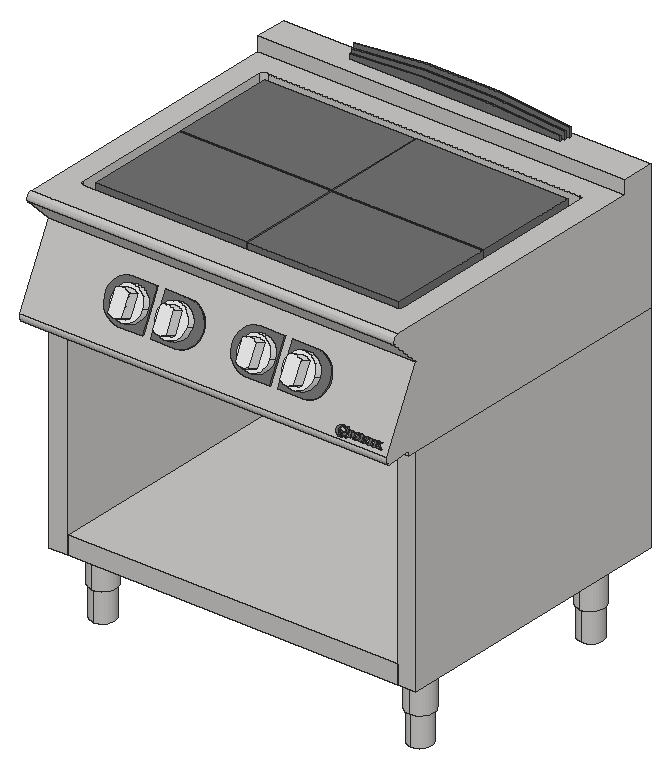
Revit family "QF_GIORIK_TE740G", category Specialty Equipment, Revit 2014
Parameters (values of type "TE740G")
  Weight in Pounds = 242.5082
  Watts = 10000 W
  Volts = 400 V
  URL Cutsheet = "www.giorik.com"
  URL = "www.giorik.com"
  Status [instance] = ""
  Specification by User [instance] = ""
  Specification by Manufacturer = ""
  Show Logo [instance] = yes
  Show Clearance [instance] = yes
  Serial Number = ""
  Seismic Rating = ""
  SMACNA No = ""
  Revision Code [instance] = ""
  Phase = 3
  Number of Poles [instance] = 3
  NAFEM Spec ID Number = ""
  Model = "TE740G"
  Min Ckt Ampacity = 0 A
  Max Overcurrent Protection = 0 A
  Masterspec = ""
  Manufacturer = "GIORIK"
  Item Number [instance] = ""
  Installed By [instance] = ""
  Identify Quantity as Lot [instance] = no
  HP = "13.410200000000"
  Furnished By [instance] = ""
  Foodservice Equipment Identifier [instance] = yes
  FL Amps = 0 A
  Electrical Remarks [instance] = ""
  Electric Connection Type [instance] = ""
  Elec Conn RI Height [instance] = 0 mm
  Elec Conn Connection Height [instance] = 150 mm
  Description = "ELECTRIC SOLID TOP HOB ON OPEN BASE UNIT"
  Cycle = 50 Hz
  Conn Plug = ""
  CSI MasterFormat = ""
  Assembly Code = "E1090320"
  Apparent Power = 10000 VA
Reference planes
  plane 1 "Back": y = 0
  plane 2: z = 0
  plane 3 "Left": x = 0
  plane 4 "Right": x = 800
  plane 5 "Front": y = -720
  plane 6 "Top": z = 900
Forms (mm)
  Extrusion 1, solid, visible <- "Show Logo"
    sketch origin (591.604, -736.761, 609.486) x (-1, 0, 0) y (0, 0.452718, 0.891654)
      loop
        line (-118.824, 58.358) -> (-127.804, 58.358) -> (-125.523, 56.445) -> (-125.523, 48.027) -> (-127.804, 46.113) -> (-118.824, 46.113) -> (-121.105, 48.027) -> (-121.105, 56.445) -> (-118.824, 58.358)
      loop
        line (-163.721, 58.358) -> (-172.7, 58.358) -> (-170.42, 56.445) -> (-170.42, 48.027) -> (-172.7, 46.113) -> (-163.721, 46.113) -> (-166.001, 48.027) -> (-166.001, 56.445) -> (-163.721, 58.358)
      loop
        line (-174.332, 58.358) -> (-183.312, 58.358) -> (-181.031, 56.445) -> (-181.031, 52.435) -> (-186.419, 56.955) -> (-184.416, 58.358) -> (-191.268, 58.358) -> (-188.01, 56.839) -> (-185.455, 54.283) -> (-190.846, 47.858) -> (-193.396, 46.93) -> (-193.396, 46.113) -> (-184.416, 46.113) -> (-185.437, 47.571) -> (-182.443, 51.552) -> (-181.031, 50.894) -> (-181.031, 48.027) -> (-183.312, 46.113) -> (-174.332, 46.113) -> (-176.613, 48.027) -> (-176.613, 56.445) -> (-174.332, 58.358)
      loop
        line (-115.429, 62.063) -> (-115.429, 54.198)
        arc (-115.429, 54.198) -> (-111.618, 57.803) -> (-106.847, 59.986) r 16.039
        arc (-106.847, 59.986) -> (-103.314, 59.837) -> (-100.512, 57.68) r 5.851
        arc (-100.512, 57.68) -> (-98.815, 52.267) -> (-100.512, 46.853) r 9.479
        arc (-100.512, 46.853) -> (-102.406, 44.986) -> (-104.846, 43.93) r 7.236
        arc (-104.846, 43.93) -> (-107.728, 44.111) -> (-110.052, 45.825) r 5.11
        line (-110.052, 45.825) -> (-110.052, 52.001) -> (-116.141, 52.001) -> (-116.141, 45.503) -> (-117.893, 43.751) -> (-114.094, 44.769)
        arc (-114.094, 44.769) -> (-112.56, 44.947) -> (-111.129, 44.366) r 3.115
        arc (-111.129, 44.366) -> (-104.216, 42.091) -> (-97.303, 44.366) r 11.641
        arc (-97.303, 44.366) -> (-93.396, 52.107) -> (-97.303, 59.849) r 9.622
        arc (-97.303, 59.849) -> (-104.369, 62.174) -> (-111.435, 59.849) r 11.898
        line (-111.435, 59.849) -> (-115.429, 62.063)
      loop
        arc (-129.234, 56.068) -> (-135.893, 58.628) -> (-142.552, 56.068) r 9.941
        arc (-142.552, 56.068) -> (-144.234, 52.286) -> (-142.552, 48.505) r 5.093
        arc (-142.552, 48.505) -> (-135.893, 45.945) -> (-129.234, 48.505) r 9.941
        arc (-129.234, 48.505) -> (-127.552, 52.286) -> (-129.234, 56.068) r 5.093
      loop
        arc (-132.628, 54.403) -> (-135.893, 57.668) -> (-139.158, 54.403) r 3.265
        line (-139.158, 54.403) -> (-139.158, 50.169)
        arc (-139.158, 50.169) -> (-135.893, 46.904) -> (-132.628, 50.169) r 3.265
        line (-132.628, 50.169) -> (-132.628, 54.403)
      loop
        arc (-156.363, 58.365) -> (-159.647, 55.081) -> (-156.363, 51.796) r 3.285
        line (-156.363, 51.796) -> (-159.529, 47.306) -> (-162.087, 46.113) -> (-155.847, 46.113) -> (-153.529, 51.083) -> (-150.637, 51.083) -> (-150.637, 47.784) -> (-153.022, 46.113) -> (-144.011, 46.113) -> (-146.094, 47.68) -> (-146.094, 56.493) -> (-144.229, 58.365) -> (-156.363, 58.365)
      loop
        line (-150.637, 57.512) -> (-153.637, 57.512)
        arc (-153.637, 57.512) -> (-156.237, 54.912) -> (-153.637, 52.312) r 2.6
        line (-153.637, 52.312) -> (-150.637, 52.312) -> (-150.637, 57.512)
      loop
        line (-108.924, 52.001) -> (-104.936, 49.005) -> (-100.948, 52.001) -> (-108.924, 52.001)
    from 1.5 to -0.5
  Extrusion 2, solid
    sketch origin (-16, 1025.81, 0) x (1, 0, 0) y (0, 1, 0)
      loop
        line (25, -1086.81) -> (25, -1156.81) -> (115, -1156.81) -> (115, -1086.81) -> (25, -1086.81)
    from 148 to 150
  Extrusion 3, solid
    sketch origin (-4, 0, 130) x (1, 0, 0) y (0, 1, 0)
      loop
        circle (54, -385) r 12.5
    from 0 to 20
  Extrusion 4, solid
    sketch origin (0, 1000, -20) x (0, 1, 0) y (0, 0, 1)
      loop
        line (-1000, 919.988) -> (-1070, 919.988) -> (-1070, 889.988) -> (-1688.806, 889.988)
        arc (-1688.806, 889.988) -> (-1699.151, 883.075) -> (-1696.724, 870.873) r 11.197
        line (-1696.724, 870.873) -> (-1640.876, 815.025) -> (-1718.948, 661.258)
        arc (-1718.948, 661.258) -> (-1718.233, 650.105) -> (-1708.118, 645.354) r 10.981
        line (-1708.118, 645.354) -> (-1660, 649.925) -> (-1660, 640) -> (-1000, 640) -> (-1000, 919.988)
    from 0 to 800
  Extrusion 5, solid
    sketch origin (0, 0, 599.536) x (1, 0, 0) y (0, 1, 0)
      loop
        line (0, -640) -> (40, -640) -> (40, -40) -> (760, -40) -> (760, -640) -> (800, -640) -> (800, 0) -> (0, 0) -> (0, -640)
    from -449.536 to 20.464
  Extrusion 6, solid
    sketch origin (0, 0, 0) x (1, 0, 0) y (0, 1, 0)
      loop
        line (40, -40) -> (40, -640) -> (760, -640) -> (760, -40) -> (40, -40)
    from 150 to 190
  Extrusion 7, solid
    sketch origin (-16, 560.81, 0) x (1, 0, 0) y (0, 1, 0)
      loop
        line (25, -1086.81) -> (25, -1156.81) -> (115, -1156.81) -> (115, -1086.81) -> (25, -1086.81)
    from 148 to 150
  Revolve 8, solid
    sketch origin (54, 560.81, 0) x (0, 1, 0) y (0, 0, 1)
      loop
        line (-1092.56, 66) -> (-1092.56, 148) -> (-1121.81, 148) -> (-1121.81, 0) -> (-1096.81, 0) -> (-1096.81, 66) -> (-1092.56, 66)
      axis (-1121.81, 0) -> (-1121.81, 148)
    angle from 0 to 360
  Revolve 9, solid
    sketch origin (54, 1025.81, 0) x (0, 1, 0) y (0, 0, 1)
      loop
        line (-1092.56, 66) -> (-1092.56, 148) -> (-1121.81, 148) -> (-1121.81, 0) -> (-1096.81, 0) -> (-1096.81, 66) -> (-1092.56, 66)
      axis (-1121.81, 0) -> (-1121.81, 148)
    angle from 0 to 360
  Extrusion 10, solid
    sketch origin (816, 560.81, 0) x (-1, 0, 0) y (0, -1, 0)
      loop
        line (25, 1086.81) -> (115, 1086.81) -> (115, 1156.81) -> (25, 1156.81) -> (25, 1086.81)
    from 148 to 150
  Revolve 11, solid
    sketch origin (746, 560.81, 0) x (0, 1, 0) y (0, 0, -1)
      loop
        line (-1092.56, -66) -> (-1096.81, -66) -> (-1096.81, 0) -> (-1121.81, 0) -> (-1121.81, -148) -> (-1092.56, -148) -> (-1092.56, -66)
      axis (-1121.81, 0) -> (-1121.81, -148)
    angle from 0 to 360
  Extrusion 12, void
    sketch origin (422.306, 27.3, 900) x (0, 1, 0) y (-1, 0, 0)
      loop
        line (-147.3, -317.694) -> (-147.3, 362.306)
        arc (-147.3, 362.306) -> (-150.229, 369.377) -> (-157.3, 372.306) r 10
        line (-157.3, 372.306) -> (-637.265, 372.306)
        arc (-637.265, 372.306) -> (-644.336, 369.377) -> (-647.265, 362.306) r 10
        line (-647.265, 362.306) -> (-647.265, -317.694)
        arc (-647.265, -317.694) -> (-644.336, -324.765) -> (-637.265, -327.694) r 10
        line (-637.265, -327.694) -> (-157.3, -327.694)
        arc (-157.3, -327.694) -> (-150.229, -324.765) -> (-147.3, -317.694) r 10
    from -30.012 to -70.012
  Extrusion 13, solid
    sketch origin (816, -1217.81, 0) x (-1, 0, 0) y (0, -1, 0)
      loop
        line (25, -1086.81) -> (25, -1156.81) -> (115, -1156.81) -> (115, -1086.81) -> (25, -1086.81)
    from 148 to 150
  Revolve 14, solid
    sketch origin (746, -1217.81, 0) x (0, -1, 0) y (0, 0, 1)
      loop
        line (-1092.56, 66) -> (-1092.56, 148) -> (-1121.81, 148) -> (-1121.81, 0) -> (-1096.81, 0) -> (-1096.81, 66) -> (-1092.56, 66)
      axis (-1121.81, 0) -> (-1121.81, 148)
    angle from 0 to 360
  Extrusion 15, solid
    sketch origin (-210.755, -962.334, 53.824) x (1, 0, 0) y (0, 0.452718, 0.891654)
      loop
        line (463.221, 676.25) -> (463.221, 766.25) -> (409.698, 766.25)
        arc (409.698, 766.25) -> (364.698, 721.25) -> (409.698, 676.25) r 45
        line (409.698, 676.25) -> (463.221, 676.25)
    from 48 to 50
  Extrusion 16, solid
    sketch origin (563.797, -1006.96, 76.375) x (-1, 0, 0) y (0, -0.452718, -0.891654)
      loop
        circle (351.331, -721.346) r 35
    from 0 to 15
  Extrusion 17, solid
    sketch origin (563.797, -1006.96, 76.375) x (-1, 0, 0) y (0, -0.452718, -0.891654)
      loop
        arc (336.331, -743.846) -> (351.331, -748.846) -> (366.331, -743.846) r 25
        line (366.331, -743.846) -> (366.331, -698.846)
        arc (366.331, -698.846) -> (351.331, -693.846) -> (336.331, -698.846) r 25
        line (336.331, -698.846) -> (336.331, -743.846)
    from 15 to 40
  Extrusion 18, solid
    sketch origin (733.221, -962.334, 53.824) x (-1, 0, 0) y (0, -0.452718, -0.891654)
      loop
        line (463.221, -676.25) -> (409.698, -676.25)
        arc (409.698, -676.25) -> (364.698, -721.25) -> (409.698, -766.25) r 45
        line (409.698, -766.25) -> (463.221, -766.25) -> (463.221, -676.25)
    from 48 to 50
  Extrusion 19, solid
    sketch origin (-41.331, -1006.96, 76.375) x (1, 0, 0) y (0, 0.452718, 0.891654)
      loop
        circle (351.331, 721.346) r 35
    from 0 to 15
  Extrusion 20, solid
    sketch origin (-41.331, -1006.96, 76.375) x (1, 0, 0) y (0, 0.452718, 0.891654)
      loop
        line (336.331, 743.846) -> (336.331, 698.846)
        arc (336.331, 698.846) -> (351.331, 693.846) -> (366.331, 698.846) r 25
        line (366.331, 698.846) -> (366.331, 743.846)
        arc (366.331, 743.846) -> (351.331, 748.846) -> (336.331, 743.846) r 25
    from 15 to 40
  Extrusion 21, solid
    sketch origin (1010.755, -962.334, 53.824) x (-1, 0, 0) y (0, -0.452718, -0.891654)
      loop
        line (463.221, -676.25) -> (409.698, -676.25)
        arc (409.698, -676.25) -> (364.698, -721.25) -> (409.698, -766.25) r 45
        line (409.698, -766.25) -> (463.221, -766.25) -> (463.221, -676.25)
    from 48 to 50
  Extrusion 22, solid
    sketch origin (236.203, -1006.96, 76.375) x (1, 0, 0) y (0, 0.452718, 0.891654)
      loop
        circle (351.331, 721.346) r 35
    from 0 to 15
  Extrusion 23, solid
    sketch origin (236.203, -1006.96, 76.375) x (1, 0, 0) y (0, 0.452718, 0.891654)
      loop
        line (336.331, 743.846) -> (336.331, 698.846)
        arc (336.331, 698.846) -> (351.331, 693.846) -> (366.331, 698.846) r 25
        line (366.331, 698.846) -> (366.331, 743.846)
        arc (366.331, 743.846) -> (351.331, 748.846) -> (336.331, 743.846) r 25
    from 15 to 40
  Extrusion 24, solid
    sketch origin (66.779, -962.334, 53.824) x (1, 0, 0) y (0, 0.452718, 0.891654)
      loop
        line (463.221, 676.25) -> (463.221, 766.25) -> (409.698, 766.25)
        arc (409.698, 766.25) -> (364.698, 721.25) -> (409.698, 676.25) r 45
        line (409.698, 676.25) -> (463.221, 676.25)
    from 48 to 50
  Extrusion 25, solid
    sketch origin (841.331, -1006.96, 76.375) x (-1, 0, 0) y (0, -0.452718, -0.891654)
      loop
        circle (351.331, -721.346) r 35
    from 0 to 15
  Extrusion 26, solid
    sketch origin (841.331, -1006.96, 76.375) x (-1, 0, 0) y (0, -0.452718, -0.891654)
      loop
        arc (336.331, -743.846) -> (351.331, -748.846) -> (366.331, -743.846) r 25
        line (366.331, -743.846) -> (366.331, -698.846)
        arc (366.331, -698.846) -> (351.331, -693.846) -> (336.331, -698.846) r 25
        line (336.331, -698.846) -> (336.331, -743.846)
    from 15 to 40
  Extrusion 27, solid
    sketch origin (36.031, 0, -10.001) x (1, 0, 0) y (0, 0, 1)
      loop
        line (135, 909.989) -> (592.969, 909.989) -> (592.969, 919.989) -> (440.969, 929.989) -> (287, 929.989) -> (135, 919.989) -> (135, 909.989)
    from 32 to 35
  Extrusion 28, solid
    sketch origin (38, 10, -10.001) x (1, 0, 0) y (0, 0, 1)
      loop
        line (594, 909.989) -> (594, 924.989) -> (440, 937.489) -> (284, 937.489) -> (130, 925.001) -> (130, 909.989) -> (594, 909.989)
    from 32 to 35
  Extrusion 29, solid
    sketch origin (40, 20, -10.001) x (1, 0, 0) y (0, 0, 1)
      loop
        line (595, 909.989) -> (595, 930.001) -> (439, 945.258) -> (281, 945.258) -> (125, 929.989) -> (125, 909.989) -> (595, 909.989)
    from 32 to 35
  Extrusion 30, solid
    sketch origin (-397.775, -755.565, 829.988) x (0, -1, 0) y (1, 0, 0)
      loop
        line (-387.082, 796.275) -> (-615.565, 796.275) -> (-615.565, 467.775) -> (-387.082, 467.775) -> (-387.082, 796.275)
    from 0 to 40
  Extrusion 31, solid
    sketch origin (1197.775, -755.565, 829.988) x (0, -1, 0) y (1, 0, 0)
      loop
        line (-387.082, -796.275) -> (-387.082, -467.775) -> (-615.565, -467.775) -> (-615.565, -796.275) -> (-387.082, -796.275)
    from 0 to 40
  Extrusion 32, solid
    sketch origin (1197.775, 15.6, 829.988) x (0, 1, 0) y (-1, 0, 0)
      loop
        line (-387.082, 796.275) -> (-615.565, 796.275) -> (-615.565, 467.775) -> (-387.082, 467.775) -> (-387.082, 796.275)
    from 0 to 40
  Extrusion 33, solid
    sketch origin (-397.775, 15.6, 829.988) x (0, 1, 0) y (-1, 0, 0)
      loop
        line (-387.082, -796.275) -> (-387.082, -467.775) -> (-615.565, -467.775) -> (-615.565, -796.275) -> (-387.082, -796.275)
    from 0 to 40
Cuts and joins
  Extrusion 12 cuts Extrusion 4
Lines and regions (mm)
  symbolic lines, style "200-EquipBorder-2D"
    curve 1: line (0, -720, 0) -> (800, -720, 0)
    curve 2: line (800, -720, 0) -> (800, 0, 0)
    curve 3: line (800, 0, 0) -> (0, 0, 0)
    curve 4: line (0, 0, 0) -> (0, -720, 0)
  symbolic lines, style "200-EquipInternal-2D"
    curve 5: line (0, -70, 900) -> (800, -70, 900)
    curve 6: line (50, -115, 900) -> (50, -624.965, 900)
    curve 7: line (398.5, -140, 900) -> (70, -140, 900)
    curve 8: line (165, -12, 900) -> (635, -12, 900)
    curve 9: line (635, -12, 900) -> (635, -15, 900)
    curve 10: line (635, -15, 900) -> (165, -15, 900)
    curve 11: line (165, -15, 900) -> (165, -12, 900)
    curve 12: line (168, -22, 900) -> (632, -22, 900)
    curve 13: line (632, -22, 900) -> (632, -25, 900)
    curve 14: line (632, -25, 900) -> (168, -25, 900)
    curve 15: line (168, -25, 900) -> (168, -22, 900)
    curve 16: line (171.031, -32, 900) -> (629, -32, 900)
    curve 17: line (629, -32, 900) -> (629, -35, 900)
    curve 18: line (629, -35, 900) -> (171.031, -35, 900)
    curve 19: line (171.031, -35, 900) -> (171.031, -32, 900)
    curve 20: line (70, -140, 900) -> (70, -368.8, 900)
    curve 21: line (398.5, -368.8, 900) -> (398.5, -140, 900)
    curve 22: line (398.5, -599.965, 900) -> (398.5, -371.765, 900)
    curve 23: line (70, -371.765, 900) -> (70, -599.965, 900)
    curve 24: line (70, -599.965, 900) -> (398.5, -599.965, 900)
    curve 25: line (730, -140, 900) -> (401.5, -140, 900)
    curve 26: line (401.5, -140, 900) -> (401.5, -368.8, 900)
    curve 27: line (730, -368.8, 900) -> (730, -140, 900)
    curve 28: line (401.5, -368.8, 900) -> (730, -368.8, 900)
    curve 29: line (730, -599.965, 900) -> (730, -371.765, 900)
    curve 30: line (730, -371.765, 900) -> (401.5, -371.765, 900)
    curve 31: line (401.5, -371.765, 900) -> (401.5, -599.965, 900)
    curve 32: line (401.5, -599.965, 900) -> (730, -599.965, 900)
    curve 33: line (398.5, -371.765, 900) -> (70, -371.765, 900)
    curve 34: line (70, -368.8, 900) -> (398.5, -368.8, 900)
    curve 35: line (740, -120, 900) -> (60, -120, 900)
    curve 36: arc (60, -120, 900) -> (52.929, -122.929, 900) -> (50, -130, 900) r 10
    curve 37: line (50, -130, 900) -> (50, -609.965, 900)
    curve 38: arc (50, -609.965, 900) -> (52.929, -617.036, 900) -> (60, -619.965, 900) r 10
    curve 39: line (60, -619.965, 900) -> (740, -619.965, 900)
    curve 40: line (750, -609.965, 900) -> (750, -130, 900)
    curve 41: arc (740, -619.965, 900) -> (747.071, -617.036, 900) -> (750, -609.965, 900) r 10
    curve 42: arc (750, -130, 900) -> (747.071, -122.929, 900) -> (740, -120, 900) r 10
Dimensions and locks
  plane 3 "Left" to plane 4 "Right" = 800 mm
  plane 5 "Front" to plane 1 "Back" = 720 mm
  plane 4 "Right" to plane 3 "Left" = 800 mm
  plane 1 "Back" to plane 5 "Front" = 720 mm
  plane 6 "Top" to level = 900 mm  (x2)
  aligned and locked: level to plane 2
Connectors
  electrical at (50, -385, 130), driven by "Apparent Power", driven by "Volts", driven by "Number of Poles"
    settings: on Extrusion 3, index 1, voltage 400 V, apparent load 0 VA, apparent load phase1 10000 VA, apparent load phase2 0 VA, apparent load phase3 0 VA, power factor 1, load classification "Other", number of poles 3, system type 31, power factor state 1, is connector primary yes, connector utility no, sub classification motor no, connector description "Electrical connection"
